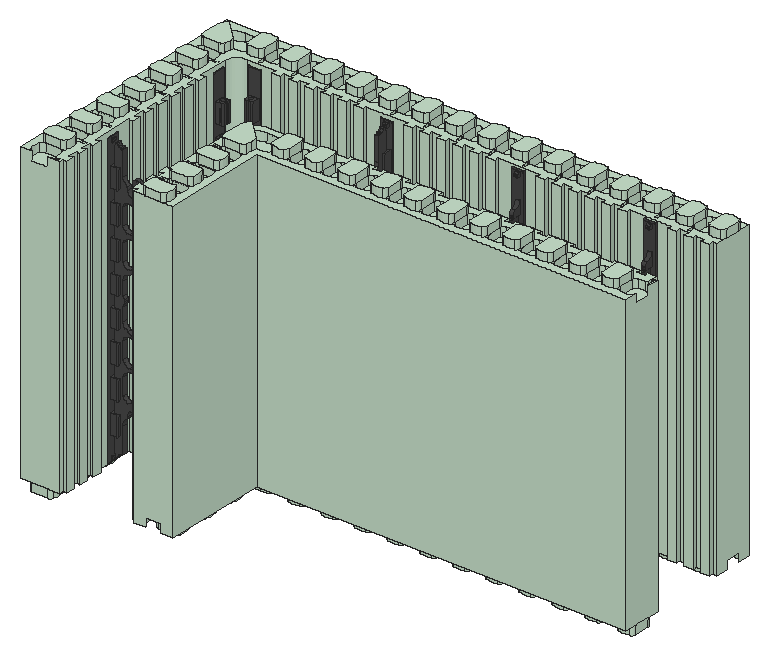
Revit family (continued)
Forms (in)
  Extrusion 50, void
    sketch origin (7, -1, 0) x (-1, 0, 0) y (0, -1, 0)
      loop
        line (-2, -3.97692) -> (-2, -4.89808)
        arc (-2, -4.89808) -> (-1.95215, -5.04517) -> (-1.82692, -5.13595) r 0.25
    from 0 to 0.5
  Extrusion 51, void
    sketch origin (9, -1, 0) x (-1, 0, 0) y (0, -1, 0)
      loop
        arc (-1.82692, -5.13595) -> (-1.5, -5.1875) -> (-1.17308, -5.13595) r 1.0625
        arc (-1.17308, -5.13595) -> (-1.04785, -5.04517) -> (-1, -4.89808) r 0.25
        line (-1, -4.89808) -> (-1, -3.97692)
        arc (-1, -3.97692) -> (-1.04785, -3.82983) -> (-1.17308, -3.73905) r 0.25
        arc (-1.17308, -3.73905) -> (-1.42092, -3.69045) -> (-1.67323, -3.70172) r 1.0625
        arc (-1.67323, -3.70172) -> (-1.72385, -3.68771) -> (-1.74592, -3.64005) r 0.0625
        line (-1.74592, -3.64005) -> (-1.74592, -3.41845) -> (-1.91675, -3.41845) -> (-1.91675, -3.76455)
        arc (-1.91675, -3.76455) -> (-1.92106, -3.78736) -> (-1.9334, -3.80702) r 0.0625
        arc (-1.9334, -3.80702) -> (-1.98276, -3.88568) -> (-2, -3.97692) r 0.25
        line (-2, -3.97692) -> (-2, -4.89808)
        arc (-2, -4.89808) -> (-1.95215, -5.04517) -> (-1.82692, -5.13595) r 0.25
    from 0 to 0.5
  Extrusion 52, void
    sketch origin (11, -1, 0) x (-1, 0, 0) y (0, -1, 0)
      loop
        arc (-1.82692, -5.13595) -> (-1.5, -5.1875) -> (-1.17308, -5.13595) r 1.0625
        arc (-1.17308, -5.13595) -> (-1.04785, -5.04517) -> (-1, -4.89808) r 0.25
        line (-1, -4.89808) -> (-1, -3.97692)
        arc (-1, -3.97692) -> (-1.04785, -3.82983) -> (-1.17308, -3.73905) r 0.25
        arc (-1.17308, -3.73905) -> (-1.42092, -3.69045) -> (-1.67323, -3.70172) r 1.0625
        arc (-1.67323, -3.70172) -> (-1.72385, -3.68771) -> (-1.74592, -3.64005) r 0.0625
        line (-1.74592, -3.64005) -> (-1.74592, -3.41845) -> (-1.91675, -3.41845) -> (-1.91675, -3.76455)
        arc (-1.91675, -3.76455) -> (-1.92106, -3.78736) -> (-1.9334, -3.80702) r 0.0625
        arc (-1.9334, -3.80702) -> (-1.98276, -3.88568) -> (-2, -3.97692) r 0.25
        line (-2, -3.97692) -> (-2, -4.89808)
        arc (-2, -4.89808) -> (-1.95215, -5.04517) -> (-1.82692, -5.13595) r 0.25
    from 0 to 0.5
  Extrusion 53, void
    sketch origin (13, -1, 0) x (-1, 0, 0) y (0, -1, 0)
      loop
        arc (-1.82692, -5.13595) -> (-1.5, -5.1875) -> (-1.17308, -5.13595) r 1.0625
        arc (-1.17308, -5.13595) -> (-1.04785, -5.04517) -> (-1, -4.89808) r 0.25
        line (-1, -4.89808) -> (-1, -3.97692)
        arc (-1, -3.97692) -> (-1.04785, -3.82983) -> (-1.17308, -3.73905) r 0.25
        arc (-1.17308, -3.73905) -> (-1.42092, -3.69045) -> (-1.67323, -3.70172) r 1.0625
        arc (-1.67323, -3.70172) -> (-1.72385, -3.68771) -> (-1.74592, -3.64005) r 0.0625
        line (-1.74592, -3.64005) -> (-1.74592, -3.41845) -> (-1.91675, -3.41845) -> (-1.91675, -3.76455)
        arc (-1.91675, -3.76455) -> (-1.92106, -3.78736) -> (-1.9334, -3.80702) r 0.0625
        arc (-1.9334, -3.80702) -> (-1.98276, -3.88568) -> (-2, -3.97692) r 0.25
        line (-2, -3.97692) -> (-2, -4.89808)
        arc (-2, -4.89808) -> (-1.95215, -5.04517) -> (-1.82692, -5.13595) r 0.25
    from 0 to 0.5
  Extrusion 54, void
    sketch origin (15, -1, 0) x (-1, 0, 0) y (0, -1, 0)
      loop
        arc (-1.82692, -5.13595) -> (-1.5, -5.1875) -> (-1.17308, -5.13595) r 1.0625
        arc (-1.17308, -5.13595) -> (-1.04785, -5.04517) -> (-1, -4.89808) r 0.25
        line (-1, -4.89808) -> (-1, -3.97692)
        arc (-1, -3.97692) -> (-1.04785, -3.82983) -> (-1.17308, -3.73905) r 0.25
        arc (-1.17308, -3.73905) -> (-1.42092, -3.69045) -> (-1.67323, -3.70172) r 1.0625
        arc (-1.67323, -3.70172) -> (-1.72385, -3.68771) -> (-1.74592, -3.64005) r 0.0625
        line (-1.74592, -3.64005) -> (-1.74592, -3.41845) -> (-1.91675, -3.41845) -> (-1.91675, -3.76455)
        arc (-1.91675, -3.76455) -> (-1.92106, -3.78736) -> (-1.9334, -3.80702) r 0.0625
        arc (-1.9334, -3.80702) -> (-1.98276, -3.88568) -> (-2, -3.97692) r 0.25
        line (-2, -3.97692) -> (-2, -4.89808)
        arc (-2, -4.89808) -> (-1.95215, -5.04517) -> (-1.82692, -5.13595) r 0.25
    from 0 to 0.5
  Extrusion 55, void
    sketch origin (17, -1, 0) x (-1, 0, 0) y (0, -1, 0)
      loop
        arc (-1.82692, -5.13595) -> (-1.5, -5.1875) -> (-1.17308, -5.13595) r 1.0625
        arc (-1.17308, -5.13595) -> (-1.04785, -5.04517) -> (-1, -4.89808) r 0.25
        line (-1, -4.89808) -> (-1, -3.97692)
        arc (-1, -3.97692) -> (-1.04785, -3.82983) -> (-1.17308, -3.73905) r 0.25
        arc (-1.17308, -3.73905) -> (-1.42092, -3.69045) -> (-1.67323, -3.70172) r 1.0625
        arc (-1.67323, -3.70172) -> (-1.72385, -3.68771) -> (-1.74592, -3.64005) r 0.0625
        line (-1.74592, -3.64005) -> (-1.74592, -3.41845) -> (-1.91675, -3.41845) -> (-1.91675, -3.76455)
        arc (-1.91675, -3.76455) -> (-1.92106, -3.78736) -> (-1.9334, -3.80702) r 0.0625
        arc (-1.9334, -3.80702) -> (-1.98276, -3.88568) -> (-2, -3.97692) r 0.25
        line (-2, -3.97692) -> (-2, -4.89808)
        arc (-2, -4.89808) -> (-1.95215, -5.04517) -> (-1.82692, -5.13595) r 0.25
    from 0 to 0.5
  Extrusion 56, void
    sketch origin (19, -1, 0) x (-1, 0, 0) y (0, -1, 0)
      loop
        arc (-1.82692, -5.13595) -> (-1.5, -5.1875) -> (-1.17308, -5.13595) r 1.0625
        arc (-1.17308, -5.13595) -> (-1.04785, -5.04517) -> (-1, -4.89808) r 0.25
        line (-1, -4.89808) -> (-1, -3.97692)
        arc (-1, -3.97692) -> (-1.04785, -3.82983) -> (-1.17308, -3.73905) r 0.25
        arc (-1.17308, -3.73905) -> (-1.42092, -3.69045) -> (-1.67323, -3.70172) r 1.0625
        arc (-1.67323, -3.70172) -> (-1.72385, -3.68771) -> (-1.74592, -3.64005) r 0.0625
        line (-1.74592, -3.64005) -> (-1.74592, -3.41845) -> (-1.91675, -3.41845) -> (-1.91675, -3.76455)
        arc (-1.91675, -3.76455) -> (-1.92106, -3.78736) -> (-1.9334, -3.80702) r 0.0625
        arc (-1.9334, -3.80702) -> (-1.98276, -3.88568) -> (-2, -3.97692) r 0.25
        line (-2, -3.97692) -> (-2, -4.89808)
        arc (-2, -4.89808) -> (-1.95215, -5.04517) -> (-1.82692, -5.13595) r 0.25
    from 0 to 0.5
  Extrusion 57, void
    sketch origin (21, -1, 0) x (-1, 0, 0) y (0, -1, 0)
      loop
        arc (-1.82692, -5.13595) -> (-1.5, -5.1875) -> (-1.17308, -5.13595) r 1.0625
        arc (-1.17308, -5.13595) -> (-1.04785, -5.04517) -> (-1, -4.89808) r 0.25
        line (-1, -4.89808) -> (-1, -3.97692)
        arc (-1, -3.97692) -> (-1.04785, -3.82983) -> (-1.17308, -3.73905) r 0.25
        arc (-1.17308, -3.73905) -> (-1.42092, -3.69045) -> (-1.67323, -3.70172) r 1.0625
        arc (-1.67323, -3.70172) -> (-1.72385, -3.68771) -> (-1.74592, -3.64005) r 0.0625
        line (-1.74592, -3.64005) -> (-1.74592, -3.41845) -> (-1.91675, -3.41845) -> (-1.91675, -3.76455)
        arc (-1.91675, -3.76455) -> (-1.92106, -3.78736) -> (-1.9334, -3.80702) r 0.0625
        arc (-1.9334, -3.80702) -> (-1.98276, -3.88568) -> (-2, -3.97692) r 0.25
        line (-2, -3.97692) -> (-2, -4.89808)
        arc (-2, -4.89808) -> (-1.95215, -5.04517) -> (-1.82692, -5.13595) r 0.25
    from 0 to 0.5
  Extrusion 58, void
    sketch origin (23, -1, 0) x (-1, 0, 0) y (0, -1, 0)
      loop
        arc (-1.82692, -5.13595) -> (-1.5, -5.1875) -> (-1.17308, -5.13595) r 1.0625
        arc (-1.17308, -5.13595) -> (-1.04785, -5.04517) -> (-1, -4.89808) r 0.25
        line (-1, -4.89808) -> (-1, -3.97692)
        arc (-1, -3.97692) -> (-1.04785, -3.82983) -> (-1.17308, -3.73905) r 0.25
        arc (-1.17308, -3.73905) -> (-1.42092, -3.69045) -> (-1.67323, -3.70172) r 1.0625
        arc (-1.67323, -3.70172) -> (-1.72385, -3.68771) -> (-1.74592, -3.64005) r 0.0625
        line (-1.74592, -3.64005) -> (-1.74592, -3.41845) -> (-1.91675, -3.41845) -> (-1.91675, -3.76455)
        arc (-1.91675, -3.76455) -> (-1.92106, -3.78736) -> (-1.9334, -3.80702) r 0.0625
        arc (-1.9334, -3.80702) -> (-1.98276, -3.88568) -> (-2, -3.97692) r 0.25
        line (-2, -3.97692) -> (-2, -4.89808)
        arc (-2, -4.89808) -> (-1.95215, -5.04517) -> (-1.82692, -5.13595) r 0.25
    from 0 to 0.5
  Extrusion 59, void
    sketch origin (25, -1, 0) x (-1, 0, 0) y (0, -1, 0)
      loop
        arc (-1.82692, -5.13595) -> (-1.5, -5.1875) -> (-1.17308, -5.13595) r 1.0625
        arc (-1.17308, -5.13595) -> (-1.04785, -5.04517) -> (-1, -4.89808) r 0.25
        line (-1, -4.89808) -> (-1, -3.97692)
        arc (-1, -3.97692) -> (-1.04785, -3.82983) -> (-1.17308, -3.73905) r 0.25
        arc (-1.17308, -3.73905) -> (-1.42092, -3.69045) -> (-1.67323, -3.70172) r 1.0625
        arc (-1.67323, -3.70172) -> (-1.72385, -3.68771) -> (-1.74592, -3.64005) r 0.0625
        line (-1.74592, -3.64005) -> (-1.74592, -3.41845) -> (-1.91675, -3.41845) -> (-1.91675, -3.76455)
        arc (-1.91675, -3.76455) -> (-1.92106, -3.78736) -> (-1.9334, -3.80702) r 0.0625
        arc (-1.9334, -3.80702) -> (-1.98276, -3.88568) -> (-2, -3.97692) r 0.25
        line (-2, -3.97692) -> (-2, -4.89808)
        arc (-2, -4.89808) -> (-1.95215, -5.04517) -> (-1.82692, -5.13595) r 0.25
    from 0 to 0.5
  Extrusion 60, void
    sketch origin (-1, -17, 0) x (1, 0, 0) y (0, 1, 0)
      loop
        arc (3.97692, 9) -> (3.82983, 8.95215) -> (3.73905, 8.82692) r 0.25
        arc (3.73905, 8.82692) -> (3.69045, 8.57908) -> (3.70172, 8.32677) r 1.0625
        arc (3.70172, 8.32677) -> (3.68771, 8.27615) -> (3.64005, 8.25408) r 0.0625
        line (3.64005, 8.25408) -> (3.41845, 8.25408) -> (3.41845, 8.08325) -> (3.76455, 8.08325)
        arc (3.76455, 8.08325) -> (3.78736, 8.07894) -> (3.80702, 8.0666) r 0.0625
        arc (3.80702, 8.0666) -> (3.88568, 8.01724) -> (3.97692, 8) r 0.25
        line (3.97692, 8) -> (4.89808, 8)
        arc (4.89808, 8) -> (5.04517, 8.04785) -> (5.13595, 8.17308) r 0.25
        arc (5.13595, 8.17308) -> (5.1875, 8.5) -> (5.13595, 8.82692) r 1.0625
        arc (5.13595, 8.82692) -> (5.04517, 8.95215) -> (4.89808, 9) r 0.25
        line (4.89808, 9) -> (3.97692, 9)
    from 0 to 0.5
  Extrusion 61, void
    sketch origin (-1, -15, 0) x (1, 0, 0) y (0, 1, 0)
      loop
        arc (3.97692, 9) -> (3.82983, 8.95215) -> (3.73905, 8.82692) r 0.25
        arc (3.73905, 8.82692) -> (3.69045, 8.57908) -> (3.70172, 8.32677) r 1.0625
        arc (3.70172, 8.32677) -> (3.68771, 8.27615) -> (3.64005, 8.25408) r 0.0625
        line (3.64005, 8.25408) -> (3.41845, 8.25408) -> (3.41845, 8.08325) -> (3.76455, 8.08325)
        arc (3.76455, 8.08325) -> (3.78736, 8.07894) -> (3.80702, 8.0666) r 0.0625
        arc (3.80702, 8.0666) -> (3.88568, 8.01724) -> (3.97692, 8) r 0.25
        line (3.97692, 8) -> (4.89808, 8)
        arc (4.89808, 8) -> (5.04517, 8.04785) -> (5.13595, 8.17308) r 0.25
        arc (5.13595, 8.17308) -> (5.1875, 8.5) -> (5.13595, 8.82692) r 1.0625
        arc (5.13595, 8.82692) -> (5.04517, 8.95215) -> (4.89808, 9) r 0.25
        line (4.89808, 9) -> (3.97692, 9)
    from 0 to 0.5
  Extrusion 62, void
    sketch origin (-1, 1, 0) x (0, -1, 0) y (1, 0, 0)
      loop
        line (4.6875, 3.6875) -> (5.5, 3.6875)
        arc (5.5, 3.6875) -> (5.58691, 3.69106) -> (5.67323, 3.70172) r 1.0625
        arc (5.67323, 3.70172) -> (5.72385, 3.68771) -> (5.74592, 3.64005) r 0.0625
        line (5.74592, 3.64005) -> (5.74592, 3.41845) -> (5.91675, 3.41845) -> (5.91675, 3.76455)
        arc (5.91675, 3.76455) -> (5.92106, 3.78736) -> (5.9334, 3.80702) r 0.0625
        arc (5.9334, 3.80702) -> (5.98276, 3.88568) -> (6, 3.97692) r 0.25
        line (6, 3.97692) -> (6, 4.89808)
        arc (6, 4.89808) -> (5.95215, 5.04517) -> (5.82692, 5.13595) r 0.25
        arc (5.82692, 5.13595) -> (5.66548, 5.17453) -> (5.5, 5.1875) r 1.0625
        line (5.5, 5.1875) -> (5.1875, 5.1875) -> (3.98039, 3.98039)
        arc (3.98039, 3.98039) -> (4.30482, 3.76362) -> (4.6875, 3.6875) r 1
    from 0 to 0.5
  Extrusion 63, void
    sketch origin (13, 1, 0) x (-1, 0, 0) y (0, -1, 0)
      loop
        arc (7, 3.97692) -> (7.04785, 3.82983) -> (7.17308, 3.73905) r 0.25
        arc (7.17308, 3.73905) -> (7.42092, 3.69045) -> (7.67323, 3.70172) r 1.0625
        arc (7.67323, 3.70172) -> (7.72385, 3.68771) -> (7.74592, 3.64005) r 0.0625
        line (7.74592, 3.64005) -> (7.74592, 3.41845) -> (7.91675, 3.41845) -> (7.91675, 3.76455)
        arc (7.91675, 3.76455) -> (7.92106, 3.78736) -> (7.9334, 3.80702) r 0.0625
        arc (7.9334, 3.80702) -> (7.98276, 3.88568) -> (8, 3.97692) r 0.25
        line (8, 3.97692) -> (8, 4.89808)
        arc (8, 4.89808) -> (7.95215, 5.04517) -> (7.82692, 5.13595) r 0.25
        arc (7.82692, 5.13595) -> (7.5, 5.1875) -> (7.17308, 5.13595) r 1.0625
        arc (7.17308, 5.13595) -> (7.04785, 5.04517) -> (7, 4.89808) r 0.25
        line (7, 4.89808) -> (7, 3.97692)
    from 0 to 0.5
  Extrusion 64, void
    sketch origin (15, 1, 0) x (-1, 0, 0) y (0, -1, 0)
      loop
        arc (7, 3.97692) -> (7.04785, 3.82983) -> (7.17308, 3.73905) r 0.25
        arc (7.17308, 3.73905) -> (7.42092, 3.69045) -> (7.67323, 3.70172) r 1.0625
        arc (7.67323, 3.70172) -> (7.72385, 3.68771) -> (7.74592, 3.64005) r 0.0625
        line (7.74592, 3.64005) -> (7.74592, 3.41845) -> (7.91675, 3.41845) -> (7.91675, 3.76455)
        arc (7.91675, 3.76455) -> (7.92106, 3.78736) -> (7.9334, 3.80702) r 0.0625
        arc (7.9334, 3.80702) -> (7.98276, 3.88568) -> (8, 3.97692) r 0.25
        line (8, 3.97692) -> (8, 4.89808)
        arc (8, 4.89808) -> (7.95215, 5.04517) -> (7.82692, 5.13595) r 0.25
        arc (7.82692, 5.13595) -> (7.5, 5.1875) -> (7.17308, 5.13595) r 1.0625
        arc (7.17308, 5.13595) -> (7.04785, 5.04517) -> (7, 4.89808) r 0.25
        line (7, 4.89808) -> (7, 3.97692)
    from 0 to 0.5
  Extrusion 65, void
    sketch origin (17, 1, 0) x (-1, 0, 0) y (0, -1, 0)
      loop
        arc (7, 3.97692) -> (7.04785, 3.82983) -> (7.17308, 3.73905) r 0.25
        arc (7.17308, 3.73905) -> (7.42092, 3.69045) -> (7.67323, 3.70172) r 1.0625
        arc (7.67323, 3.70172) -> (7.72385, 3.68771) -> (7.74592, 3.64005) r 0.0625
        line (7.74592, 3.64005) -> (7.74592, 3.41845) -> (7.91675, 3.41845) -> (7.91675, 3.76455)
        arc (7.91675, 3.76455) -> (7.92106, 3.78736) -> (7.9334, 3.80702) r 0.0625
        arc (7.9334, 3.80702) -> (7.98276, 3.88568) -> (8, 3.97692) r 0.25
        line (8, 3.97692) -> (8, 4.89808)
        arc (8, 4.89808) -> (7.95215, 5.04517) -> (7.82692, 5.13595) r 0.25
        arc (7.82692, 5.13595) -> (7.5, 5.1875) -> (7.17308, 5.13595) r 1.0625
        arc (7.17308, 5.13595) -> (7.04785, 5.04517) -> (7, 4.89808) r 0.25
        line (7, 4.89808) -> (7, 3.97692)
    from 0 to 0.5
  Extrusion 66, void
    sketch origin (19, 1, 0) x (-1, 0, 0) y (0, -1, 0)
      loop
        arc (7, 3.97692) -> (7.04785, 3.82983) -> (7.17308, 3.73905) r 0.25
        arc (7.17308, 3.73905) -> (7.42092, 3.69045) -> (7.67323, 3.70172) r 1.0625
        arc (7.67323, 3.70172) -> (7.72385, 3.68771) -> (7.74592, 3.64005) r 0.0625
        line (7.74592, 3.64005) -> (7.74592, 3.41845) -> (7.91675, 3.41845) -> (7.91675, 3.76455)
        arc (7.91675, 3.76455) -> (7.92106, 3.78736) -> (7.9334, 3.80702) r 0.0625
        arc (7.9334, 3.80702) -> (7.98276, 3.88568) -> (8, 3.97692) r 0.25
        line (8, 3.97692) -> (8, 4.89808)
        arc (8, 4.89808) -> (7.95215, 5.04517) -> (7.82692, 5.13595) r 0.25
        arc (7.82692, 5.13595) -> (7.5, 5.1875) -> (7.17308, 5.13595) r 1.0625
        arc (7.17308, 5.13595) -> (7.04785, 5.04517) -> (7, 4.89808) r 0.25
        line (7, 4.89808) -> (7, 3.97692)
    from 0 to 0.5
  Extrusion 67, void
    sketch origin (21, 1, 0) x (-1, 0, 0) y (0, -1, 0)
      loop
        arc (7, 3.97692) -> (7.04785, 3.82983) -> (7.17308, 3.73905) r 0.25
        arc (7.17308, 3.73905) -> (7.42092, 3.69045) -> (7.67323, 3.70172) r 1.0625
        arc (7.67323, 3.70172) -> (7.72385, 3.68771) -> (7.74592, 3.64005) r 0.0625
        line (7.74592, 3.64005) -> (7.74592, 3.41845) -> (7.91675, 3.41845) -> (7.91675, 3.76455)
        arc (7.91675, 3.76455) -> (7.92106, 3.78736) -> (7.9334, 3.80702) r 0.0625
        arc (7.9334, 3.80702) -> (7.98276, 3.88568) -> (8, 3.97692) r 0.25
        line (8, 3.97692) -> (8, 4.89808)
        arc (8, 4.89808) -> (7.95215, 5.04517) -> (7.82692, 5.13595) r 0.25
        arc (7.82692, 5.13595) -> (7.5, 5.1875) -> (7.17308, 5.13595) r 1.0625
        arc (7.17308, 5.13595) -> (7.04785, 5.04517) -> (7, 4.89808) r 0.25
        line (7, 4.89808) -> (7, 3.97692)
    from 0 to 0.5
  Extrusion 68, void
    sketch origin (23, 1, 0) x (-1, 0, 0) y (0, -1, 0)
      loop
        arc (7, 3.97692) -> (7.04785, 3.82983) -> (7.17308, 3.73905) r 0.25
        arc (7.17308, 3.73905) -> (7.42092, 3.69045) -> (7.67323, 3.70172) r 1.0625
        arc (7.67323, 3.70172) -> (7.72385, 3.68771) -> (7.74592, 3.64005) r 0.0625
        line (7.74592, 3.64005) -> (7.74592, 3.41845) -> (7.91675, 3.41845) -> (7.91675, 3.76455)
        arc (7.91675, 3.76455) -> (7.92106, 3.78736) -> (7.9334, 3.80702) r 0.0625
        arc (7.9334, 3.80702) -> (7.98276, 3.88568) -> (8, 3.97692) r 0.25
        line (8, 3.97692) -> (8, 4.89808)
        arc (8, 4.89808) -> (7.95215, 5.04517) -> (7.82692, 5.13595) r 0.25
        arc (7.82692, 5.13595) -> (7.5, 5.1875) -> (7.17308, 5.13595) r 1.0625
        arc (7.17308, 5.13595) -> (7.04785, 5.04517) -> (7, 4.89808) r 0.25
        line (7, 4.89808) -> (7, 3.97692)
    from 0 to 0.5
  Extrusion 69, void
    sketch origin (25, 1, 0) x (-1, 0, 0) y (0, -1, 0)
      loop
        arc (7, 3.97692) -> (7.04785, 3.82983) -> (7.17308, 3.73905) r 0.25
        arc (7.17308, 3.73905) -> (7.42092, 3.69045) -> (7.67323, 3.70172) r 1.0625
        arc (7.67323, 3.70172) -> (7.72385, 3.68771) -> (7.74592, 3.64005) r 0.0625
        line (7.74592, 3.64005) -> (7.74592, 3.41845) -> (7.91675, 3.41845) -> (7.91675, 3.76455)
        arc (7.91675, 3.76455) -> (7.92106, 3.78736) -> (7.9334, 3.80702) r 0.0625
        arc (7.9334, 3.80702) -> (7.98276, 3.88568) -> (8, 3.97692) r 0.25
        line (8, 3.97692) -> (8, 4.89808)
        arc (8, 4.89808) -> (7.95215, 5.04517) -> (7.82692, 5.13595) r 0.25
        arc (7.82692, 5.13595) -> (7.5, 5.1875) -> (7.17308, 5.13595) r 1.0625
        arc (7.17308, 5.13595) -> (7.04785, 5.04517) -> (7, 4.89808) r 0.25
        line (7, 4.89808) -> (7, 3.97692)
    from 0 to 0.5
  Extrusion 70, void
    sketch origin (27, 1, 0) x (-1, 0, 0) y (0, -1, 0)
      loop
        arc (7, 3.97692) -> (7.04785, 3.82983) -> (7.17308, 3.73905) r 0.25
        arc (7.17308, 3.73905) -> (7.42092, 3.69045) -> (7.67323, 3.70172) r 1.0625
        arc (7.67323, 3.70172) -> (7.72385, 3.68771) -> (7.74592, 3.64005) r 0.0625
        line (7.74592, 3.64005) -> (7.74592, 3.41845) -> (7.91675, 3.41845) -> (7.91675, 3.76455)
        arc (7.91675, 3.76455) -> (7.92106, 3.78736) -> (7.9334, 3.80702) r 0.0625
        arc (7.9334, 3.80702) -> (7.98276, 3.88568) -> (8, 3.97692) r 0.25
        line (8, 3.97692) -> (8, 4.89808)
        arc (8, 4.89808) -> (7.95215, 5.04517) -> (7.82692, 5.13595) r 0.25
        arc (7.82692, 5.13595) -> (7.5, 5.1875) -> (7.17308, 5.13595) r 1.0625
        arc (7.17308, 5.13595) -> (7.04785, 5.04517) -> (7, 4.89808) r 0.25
        line (7, 4.89808) -> (7, 3.97692)
    from 0 to 0.5
  Extrusion 71, void
    sketch origin (29, 1, 0) x (-1, 0, 0) y (0, -1, 0)
      loop
        arc (7, 3.97692) -> (7.04785, 3.82983) -> (7.17308, 3.73905) r 0.25
        arc (7.17308, 3.73905) -> (7.42092, 3.69045) -> (7.67323, 3.70172) r 1.0625
        arc (7.67323, 3.70172) -> (7.72385, 3.68771) -> (7.74592, 3.64005) r 0.0625
        line (7.74592, 3.64005) -> (7.74592, 3.41845) -> (7.91675, 3.41845) -> (7.91675, 3.76455)
        arc (7.91675, 3.76455) -> (7.92106, 3.78736) -> (7.9334, 3.80702) r 0.0625
        arc (7.9334, 3.80702) -> (7.98276, 3.88568) -> (8, 3.97692) r 0.25
        line (8, 3.97692) -> (8, 4.89808)
        arc (8, 4.89808) -> (7.95215, 5.04517) -> (7.82692, 5.13595) r 0.25
        arc (7.82692, 5.13595) -> (7.5, 5.1875) -> (7.17308, 5.13595) r 1.0625
        arc (7.17308, 5.13595) -> (7.04785, 5.04517) -> (7, 4.89808) r 0.25
        line (7, 4.89808) -> (7, 3.97692)
    from 0 to 0.5
  Extrusion 72, void
    sketch origin (31, 1, 0) x (-1, 0, 0) y (0, -1, 0)
      loop
        arc (7, 3.97692) -> (7.04785, 3.82983) -> (7.17308, 3.73905) r 0.25
        arc (7.17308, 3.73905) -> (7.42092, 3.69045) -> (7.67323, 3.70172) r 1.0625
        arc (7.67323, 3.70172) -> (7.72385, 3.68771) -> (7.74592, 3.64005) r 0.0625
        line (7.74592, 3.64005) -> (7.74592, 3.41845) -> (7.91675, 3.41845) -> (7.91675, 3.76455)
        arc (7.91675, 3.76455) -> (7.92106, 3.78736) -> (7.9334, 3.80702) r 0.0625
        arc (7.9334, 3.80702) -> (7.98276, 3.88568) -> (8, 3.97692) r 0.25
        line (8, 3.97692) -> (8, 4.89808)
        arc (8, 4.89808) -> (7.95215, 5.04517) -> (7.82692, 5.13595) r 0.25
        arc (7.82692, 5.13595) -> (7.5, 5.1875) -> (7.17308, 5.13595) r 1.0625
        arc (7.17308, 5.13595) -> (7.04785, 5.04517) -> (7, 4.89808) r 0.25
        line (7, 4.89808) -> (7, 3.97692)
    from 0 to 0.5
  Extrusion 73, void
    sketch origin (1, -1, 0) x (1, 0, 0) y (0, 1, 0)
      loop
        line (-3.6875, 3.6875) -> (-4.89461, 4.89461)
        arc (-4.89461, 4.89461) -> (-5.11138, 4.57018) -> (-5.1875, 4.1875) r 1
        line (-5.1875, 4.1875) -> (-5.1875, 3.5)
        arc (-5.1875, 3.5) -> (-5.17453, 3.33452) -> (-5.13595, 3.17308) r 1.0625
        arc (-5.13595, 3.17308) -> (-5.04517, 3.04785) -> (-4.89808, 3) r 0.25
        line (-4.89808, 3) -> (-3.97692, 3)
        arc (-3.97692, 3) -> (-3.82983, 3.04785) -> (-3.73905, 3.17308) r 0.25
        arc (-3.73905, 3.17308) -> (-3.70047, 3.33452) -> (-3.6875, 3.5) r 1.0625
        line (-3.6875, 3.5) -> (-3.6875, 3.6875)
    from 0 to 0.5
  Extrusion 74, solid, material "NUDURA Expanded Polystyrene Foam Insulation"
    sketch origin (-1, 1, 0) x (1, 0, 0) y (0, 1, 0)
      loop
        line (5.1875, -5.1875) -> (5.5, -5.1875)
        arc (5.5, -5.1875) -> (5.66548, -5.17453) -> (5.82692, -5.13595) r 1.0625
        arc (5.82692, -5.13595) -> (5.95215, -5.04517) -> (6, -4.89808) r 0.25
        line (6, -4.89808) -> (6, -3.97692)
        arc (6, -3.97692) -> (5.98276, -3.88568) -> (5.9334, -3.80702) r 0.25
        arc (5.9334, -3.80702) -> (5.88453, -3.7662) -> (5.82692, -3.73905) r 0.25
        arc (5.82692, -3.73905) -> (5.75077, -3.71752) -> (5.67323, -3.70172) r 1.0625
        arc (5.67323, -3.70172) -> (5.58691, -3.69106) -> (5.5, -3.6875) r 1.0625
        line (5.5, -3.6875) -> (4.6875, -3.6875)
        arc (4.6875, -3.6875) -> (4.30482, -3.76362) -> (3.98039, -3.98039) r 1
        line (3.98039, -3.98039) -> (5.1875, -5.1875)
    from 0 to -0.5
  Extrusion 75, solid, material "NUDURA Expanded Polystyrene Foam Insulation"
    sketch origin (1, -1, 0) x (1, 0, 0) y (0, 1, 0)
      loop
        arc (-4.1875, 5.1875) -> (-4.57018, 5.11138) -> (-4.89461, 4.89461) r 1
        line (-4.89461, 4.89461) -> (-3.6875, 3.6875) -> (-3.5, 3.6875)
        arc (-3.5, 3.6875) -> (-3.33452, 3.70047) -> (-3.17308, 3.73905) r 1.0625
        arc (-3.17308, 3.73905) -> (-3.04785, 3.82983) -> (-3, 3.97692) r 0.25
        line (-3, 3.97692) -> (-3, 4.89808)
        arc (-3, 4.89808) -> (-3.04785, 5.04517) -> (-3.17308, 5.13595) r 0.25
        arc (-3.17308, 5.13595) -> (-3.33452, 5.17453) -> (-3.5, 5.1875) r 1.0625
        line (-3.5, 5.1875) -> (-4.1875, 5.1875)
    from 0 to -0.5
  Extrusion 76, void
    sketch origin (19, 1, 0) x (1, 0, 0) y (0, 1, 0)
      loop
        line (7, -3.97692) -> (7, -4.89808)
        arc (7, -4.89808) -> (7.04785, -5.04517) -> (7.17308, -5.13595) r 0.25
        arc (7.17308, -5.13595) -> (7.5, -5.1875) -> (7.82692, -5.13595) r 1.0625
        arc (7.82692, -5.13595) -> (7.95215, -5.04517) -> (8, -4.89808) r 0.25
        line (8, -4.89808) -> (8, -3.97692)
        arc (8, -3.97692) -> (7.98276, -3.88568) -> (7.9334, -3.80702) r 0.25
        arc (7.9334, -3.80702) -> (7.92106, -3.78736) -> (7.91675, -3.76455) r 0.0625
        line (7.91675, -3.76455) -> (7.91675, -3.41845) -> (7.74592, -3.41845) -> (7.74592, -3.64005)
        arc (7.74592, -3.64005) -> (7.72385, -3.68771) -> (7.67323, -3.70172) r 0.0625
        arc (7.67323, -3.70172) -> (7.42092, -3.69045) -> (7.17308, -3.73905) r 1.0625
        arc (7.17308, -3.73905) -> (7.04785, -3.82983) -> (7, -3.97692) r 0.25
    from 18 to 17.5
  Extrusion 77, void
    sketch origin (33, 1, 0) x (-1, 0, 0) y (0, -1, 0)
      loop
        arc (7, 3.97692) -> (7.04785, 3.82983) -> (7.17308, 3.73905) r 0.25
        arc (7.17308, 3.73905) -> (7.42092, 3.69045) -> (7.67323, 3.70172) r 1.0625
        arc (7.67323, 3.70172) -> (7.72385, 3.68771) -> (7.74592, 3.64005) r 0.0625
        line (7.74592, 3.64005) -> (7.74592, 3.41845) -> (7.91675, 3.41845) -> (7.91675, 3.76455)
        arc (7.91675, 3.76455) -> (7.92106, 3.78736) -> (7.9334, 3.80702) r 0.0625
        arc (7.9334, 3.80702) -> (7.98276, 3.88568) -> (8, 3.97692) r 0.25
        line (8, 3.97692) -> (8, 4.89808)
        arc (8, 4.89808) -> (7.95215, 5.04517) -> (7.82692, 5.13595) r 0.25
        arc (7.82692, 5.13595) -> (7.5, 5.1875) -> (7.17308, 5.13595) r 1.0625
        arc (7.17308, 5.13595) -> (7.04785, 5.04517) -> (7, 4.89808) r 0.25
        line (7, 4.89808) -> (7, 3.97692)
    from 0 to 0.5
  Extrusion 78, void
    sketch origin (-1, -1, 0) x (1, 0, 0) y (0, 1, 0)
      loop
        line (3.97692, -9) -> (4.89808, -9)
        arc (4.89808, -9) -> (5.04517, -8.95215) -> (5.13595, -8.82692) r 0.25
        arc (5.13595, -8.82692) -> (5.1875, -8.5) -> (5.13595, -8.17308) r 1.0625
        arc (5.13595, -8.17308) -> (5.04517, -8.04785) -> (4.89808, -8) r 0.25
        line (4.89808, -8) -> (3.97692, -8)
        arc (3.97692, -8) -> (3.88568, -8.01724) -> (3.80702, -8.0666) r 0.25
        arc (3.80702, -8.0666) -> (3.78736, -8.07894) -> (3.76455, -8.08325) r 0.0625
        line (3.76455, -8.08325) -> (3.41845, -8.08325) -> (3.41845, -8.25408) -> (3.64005, -8.25408)
        arc (3.64005, -8.25408) -> (3.68771, -8.27615) -> (3.70172, -8.32677) r 0.0625
        arc (3.70172, -8.32677) -> (3.69045, -8.57908) -> (3.73905, -8.82692) r 1.0625
        arc (3.73905, -8.82692) -> (3.82983, -8.95215) -> (3.97692, -9) r 0.25
    from 18 to 17.5
  Extrusion 79, void
    sketch origin (-1, -19, 0) x (1, 0, 0) y (0, 1, 0)
      loop
        arc (3.97692, 9) -> (3.82983, 8.95215) -> (3.73905, 8.82692) r 0.25
        arc (3.73905, 8.82692) -> (3.69045, 8.57908) -> (3.70172, 8.32677) r 1.0625
        arc (3.70172, 8.32677) -> (3.68771, 8.27615) -> (3.64005, 8.25408) r 0.0625
        line (3.64005, 8.25408) -> (3.41845, 8.25408) -> (3.41845, 8.08325) -> (3.76455, 8.08325)
        arc (3.76455, 8.08325) -> (3.78736, 8.07894) -> (3.80702, 8.0666) r 0.0625
        arc (3.80702, 8.0666) -> (3.88568, 8.01724) -> (3.97692, 8) r 0.25
        line (3.97692, 8) -> (4.89808, 8)
        arc (4.89808, 8) -> (5.04517, 8.04785) -> (5.13595, 8.17308) r 0.25
        arc (5.13595, 8.17308) -> (5.1875, 8.5) -> (5.13595, 8.82692) r 1.0625
        arc (5.13595, 8.82692) -> (5.04517, 8.95215) -> (4.89808, 9) r 0.25
        line (4.89808, 9) -> (3.97692, 9)
    from 0 to 0.5
Cuts and joins
  Extrusion 4, Extrusion 5, Extrusion 6, Extrusion 7, Extrusion 8, Extrusion 9, Extrusion 10, Extrusion 11, Extrusion 12, Extrusion 13, Extrusion 14, Extrusion 15, Extrusion 16, Extrusion 17, Extrusion 18, Extrusion 19, Extrusion 20, Extrusion 21, Extrusion 22, Extrusion 23, Extrusion 24, Extrusion 25, Extrusion 26, Extrusion 27, Extrusion 28, Extrusion 29, Extrusion 30, Extrusion 31, Extrusion 32, Extrusion 33, Extrusion 34, Extrusion 35, Extrusion 36, Extrusion 37, Extrusion 38, Extrusion 39, Extrusion 40, Extrusion 41, Extrusion 42, Extrusion 43, Extrusion 44, Extrusion 45, Extrusion 46, Extrusion 47, Extrusion 48, Extrusion 49, Extrusion 50, Extrusion 51, Extrusion 52, Extrusion 53, Extrusion 54, Extrusion 55, Extrusion 56, Extrusion 57, Extrusion 58, Extrusion 59, Extrusion 60, Extrusion 61, Extrusion 62, Extrusion 63, Extrusion 64, Extrusion 65, Extrusion 66, Extrusion 67, Extrusion 68, Extrusion 69, Extrusion 70, Extrusion 71, Extrusion 72, Extrusion 73, Extrusion 76, Extrusion 77, Extrusion 78, Extrusion 79 cuts Extrusion 1
  Extrusion 10, Extrusion 13 cuts Extrusion 3
  Extrusion 14 cuts Extrusion 2
Lines and regions (in)
  model lines
    curve 1: line (18.9334, 4.625, 18) -> (18.9334, 4.625, 0)
    curve 2: line (3, 4.625, 0) -> (3, 4.625, 18)
Dimensions and locks (in)
  locked: plane 4 to plane 5 at 4
  locked: plane 7 to plane 6 at 4
  locked: level to plane 8 at 18
  aligned and locked: plane 8 to Extrusion 1
  aligned and locked: nested 73 to cut or joined group 1 (Extrusion 1, Extrusion 4, Extrusion 5, Extrusion 6, Extrusion 7, Extrusion 8, Extrusion 9, Extrusion 10, Extrusion 11, Extrusion 12, Extrusion 13, Extrusion 14, Extrusion 15, Extrusion 16, Extrusion 17, Extrusion 18, Extrusion 19, Extrusion 20, Extrusion 21, Extrusion 22, Extrusion 23, Extrusion 24, Extrusion 25, Extrusion 26, Extrusion 27, Extrusion 28, Extrusion 29, Extrusion 30, Extrusion 31, Extrusion 32, Extrusion 33, Extrusion 34, Extrusion 35, Extrusion 36, Extrusion 37, Extrusion 38, Extrusion 39, Extrusion 40, Extrusion 41, Extrusion 42, Extrusion 43, Extrusion 44, Extrusion 45, Extrusion 46, Extrusion 47, Extrusion 48, Extrusion 49, Extrusion 50, Extrusion 51, Extrusion 52, Extrusion 53, Extrusion 54, Extrusion 55, Extrusion 56, Extrusion 57, Extrusion 58, Extrusion 59, Extrusion 60, Extrusion 61, Extrusion 62, Extrusion 63, Extrusion 64, Extrusion 65, Extrusion 66, Extrusion 67, Extrusion 68, Extrusion 69, Extrusion 70, Extrusion 71, Extrusion 72, Extrusion 73, Extrusion 76, Extrusion 77, Extrusion 78, Extrusion 79)
  aligned and locked: cut or joined group 1 to nested 75
  aligned and locked: nested 81 to cut or joined group 1
  aligned and locked: nested 82 to cut or joined group 1
  aligned and locked: nested 83 to cut or joined group 1
  aligned and locked: nested 84 to nested 72
  aligned and locked: nested 85 to cut or joined group 1
  aligned and locked: nested 86 to nested 73
Nested families (in)
  nested 1: "Interlock Tooth" at (1, -9, 0) x (0, -1, 0) z (0, 0, 1), type "Interlock Tooth"
  nested 2: "Interlock Tooth" at (1, -7, 0) x (0, -1, 0) z (0, 0, 1), type "Interlock Tooth"
  nested 3: "Interlock Tooth" at (1, -5, 0) x (0, -1, 0) z (0, 0, 1), type "Interlock Tooth"
  nested 4: "Interlock Tooth" at (1, -3, 0) x (0, -1, 0) z (0, 0, 1), type "Interlock Tooth"
  nested 5: "Interlock Tooth" at (1, -1, 0) x (0, -1, 0) z (0, 0, 1), type "Interlock Tooth"
  nested 6: "Interlock Tooth" at (1, 1, 0) x (0, -1, 0) z (0, 0, 1), type "Interlock Tooth"
  nested 7: "Interlock Tooth" at (-1, -8, 0) x (0, -1, 0) z (0, 0, 1), type "Interlock Tooth"
  nested 8: "Interlock Tooth" at (-1, -6, 0) x (0, -1, 0) z (0, 0, 1), type "Interlock Tooth"
  nested 9: "Interlock Tooth" at (-1, -7, -18.5) x (0, -1, 0) z (0, 0, 1), type "Interlock Tooth"
  nested 10: "Interlock Tooth" at (-1, -5, -18.5) x (0, -1, 0) z (0, 0, 1), type "Interlock Tooth"
  nested 11: "Interlock Tooth" at (-7.875, -10, -18.5) x (0, -1, 0) z (0, 0, 1), type "Interlock Tooth"
  nested 12: "Interlock Tooth" at (-7.875, -8, -18.5) x (0, -1, 0) z (0, 0, 1), type "Interlock Tooth"
  nested 13: "Interlock Tooth" at (-7.875, -6, -18.5) x (0, -1, 0) z (0, 0, 1), type "Interlock Tooth"
  nested 14: "Interlock Tooth" at (-7.875, -4, -18.5) x (0, -1, 0) z (0, 0, 1), type "Interlock Tooth"
  nested 15: "Interlock Tooth" at (-7.875, -2, -18.5) x (0, -1, 0) z (0, 0, 1), type "Interlock Tooth"
  nested 16: "Interlock Tooth" at (-7.875, 0, -18.5) x (0, -1, 0) z (0, 0, 1), type "Interlock Tooth"
  nested 17: "Interlock Tooth" at (-7.875, 2, -18.5) x (0, -1, 0) z (0, 0, 1), type "Interlock Tooth"
  nested 18: "Interlock Tooth" at (5, 1, 0), type "Interlock Tooth"
  nested 19: "Interlock Tooth" at (7, 1, 0), type "Interlock Tooth"
  nested 20: "Interlock Tooth" at (9, 1, 0), type "Interlock Tooth"
  nested 21: "Interlock Tooth" at (11, 1, 0), type "Interlock Tooth"
  nested 22: "Interlock Tooth" at (13, 1, 0), type "Interlock Tooth"
  nested 23: "Interlock Tooth" at (15, 1, 0), type "Interlock Tooth"
  nested 24: "Interlock Tooth" at (17, 1, 0), type "Interlock Tooth"
  nested 25: "Interlock Tooth" at (19, 1, 0), type "Interlock Tooth"
  nested 26: "Interlock Tooth" at (21, 1, 0), type "Interlock Tooth"
  nested 27: "Interlock Tooth" at (23, 1, 0), type "Interlock Tooth"
  nested 28: "Interlock Tooth" at (-2, -1, 0), type "Interlock Tooth"
  nested 29: "Interlock Tooth" at (0, -1, 0), type "Interlock Tooth"
  nested 30: "Interlock Tooth" at (2, -1, 0), type "Interlock Tooth"
  nested 31: "Interlock Tooth" at (4, -1, 0), type "Interlock Tooth"
  nested 32: "Interlock Tooth" at (6, -1, 0), type "Interlock Tooth"
  nested 33: "Interlock Tooth" at (8, -1, 0), type "Interlock Tooth"
  nested 34: "Interlock Tooth" at (10, -1, 0), type "Interlock Tooth"
  nested 35: "Interlock Tooth" at (12, -1, 0), type "Interlock Tooth"
  nested 36: "Interlock Tooth" at (14, -1, 0), type "Interlock Tooth"
  nested 37: "Interlock Tooth" at (16, -1, 0), type "Interlock Tooth"
  nested 38: "Interlock Tooth" at (18, -1, 0), type "Interlock Tooth"
  nested 39: "Interlock Tooth" at (20, -1, 0), type "Interlock Tooth"
  nested 40: "Interlock Tooth" at (22, -1, 0), type "Interlock Tooth"
  nested 41: "Interlock Tooth" at (24, -1, 0), type "Interlock Tooth"
  nested 42: "Interlock Tooth" at (26, -1, 0), type "Interlock Tooth"
  nested 43: "Interlock Tooth" at (6, -7.875, -18.5), type "Interlock Tooth"
  nested 44: "Interlock Tooth" at (8, -7.875, -18.5), type "Interlock Tooth"
  nested 45: "Interlock Tooth" at (10, -7.875, -18.5), type "Interlock Tooth"
  nested 46: "Interlock Tooth" at (12, -7.875, -18.5), type "Interlock Tooth"
  nested 47: "Interlock Tooth" at (14, -7.875, -18.5), type "Interlock Tooth"
  nested 48: "Interlock Tooth" at (16, -7.875, -18.5), type "Interlock Tooth"
  nested 49: "Interlock Tooth" at (18, -7.875, -18.5), type "Interlock Tooth"
  nested 50: "Interlock Tooth" at (20, -7.875, -18.5), type "Interlock Tooth"
  nested 51: "Interlock Tooth" at (22, -7.875, -18.5), type "Interlock Tooth"
  nested 52: "Interlock Tooth" at (24, -7.875, -18.5), type "Interlock Tooth"
  nested 53: "Interlock Tooth" at (-1, -1, -18.5), type "Interlock Tooth"
  nested 54: "Interlock Tooth" at (1, -1, -18.5), type "Interlock Tooth"
  nested 55: "Interlock Tooth" at (3, -1, -18.5), type "Interlock Tooth"
  nested 56: "Interlock Tooth" at (5, -1, -18.5), type "Interlock Tooth"
  nested 57: "Interlock Tooth" at (7, -1, -18.5), type "Interlock Tooth"
  nested 58: "Interlock Tooth" at (9, -1, -18.5), type "Interlock Tooth"
  nested 59: "Interlock Tooth" at (11, -1, -18.5), type "Interlock Tooth"
  nested 60: "Interlock Tooth" at (13, -1, -18.5), type "Interlock Tooth"
  nested 61: "Interlock Tooth" at (15, -1, -18.5), type "Interlock Tooth"
  nested 62: "Interlock Tooth" at (17, -1, -18.5), type "Interlock Tooth"
  nested 63: "Interlock Tooth" at (19, -1, -18.5), type "Interlock Tooth"
  nested 64: "Interlock Tooth" at (21, -1, -18.5), type "Interlock Tooth"
  nested 65: "Interlock Tooth" at (23, -1, -18.5), type "Interlock Tooth"
  nested 66: "Interlock Tooth" at (25, -1, -18.5), type "Interlock Tooth"
  nested 67: "NUDURA Diamond Pattern" at (19, 1, 0), type "NUDURA Diamond Pattern"
  nested 68: "NUDURA Diamond Pattern" at (19, 10.25, 0), type "NUDURA Diamond Pattern"
  nested 69: "NUDURA Diamond Pattern" at (3, 10.25, 0), type "NUDURA Diamond Pattern"
  nested 70: "Capture Lug" at (-1, -1, 0) x (-1, 0, 0) z (0, 0, 1), type "Capture Lugs"
  nested 71: "Capture Lug" at (1, 1, 0) x (0, -1, 0) z (0, 0, 1), type "Capture Lugs"
  nested 72: "NUDURA Logo Diamond" at (3.00256, -4.625, 0), type "NUDURA Logo Diamond"
  nested 73: "NUDURA Logo Diamond" at (-4.625, 4.99744, 0) x (0, -1, 0) z (0, 0, 1), type "NUDURA Logo Diamond"
  nested 74: "NUDURA Logo Diamond" at (27, 4.625, 0) x (-1, 0, 0) z (0, 0, 1), type "NUDURA Logo Diamond"
  nested 75: "NUDURA Logo Diamond Missing Outside Line" at (10.99744, 4.625, 0) x (-1, 0, 0) z (0, 0, 1), type "NUDURA Logo Diamond without Outside Line"
  nested 76: "Interlock Tooth" at (25, 1, 0), type "Interlock Tooth"
  nested 77: "Interlock Tooth" at (26, -7.875, -18.5), type "Interlock Tooth"
  nested 78: "Interlock Tooth" at (-1, -10, 0) x (0, -1, 0) z (0, 0, 1), type "Interlock Tooth"
  nested 79: "Interlock Tooth" at (-1, -9, -18.5) x (0, -1, 0) z (0, 0, 1), type "Interlock Tooth"
  nested 80: "4-inch Insert Web" at (0, -7, 0) x (0, 1, 0) z (0, 0, 1), type "4-inch Insert Web"
  nested 81: "4-inch Insert Web" at (7, 0, 0) x (-1, 0, 0) z (0, 0, 1), type "4-inch Insert Web"
  nested 82: "4-inch Web" at (15, 0, 0), type "4-inch Web"
  nested 83: "4-inch Web" at (23, 0, 0), type "4-inch Web"
  nested 84: "NUDURA Diamond Pattern" at (3, 1, 0), type "NUDURA Diamond Pattern"
  nested 85: "NUDURA Diamond Pattern Missing One Line" at (-1, -11, 0) x (0, 1, 0) z (0, 0, 1), type "NUDURA Diamond Pattern minus one line"
  nested 86: "NUDURA Diamond Pattern" at (1, 5, 0) x (0, -1, 0) z (0, 0, 1), type "NUDURA Diamond Pattern"
Definition of nested family "Interlock Tooth"
  Reference planes (in)
    plane 1 "Center (Front/Back)": y = 0
    plane 2: z = 0
    plane 3 "Center (Left/Right)": x = 0
    plane 4: z = 18
    plane 5: z = 18.5
    plane 6: z = -0.5
  Forms (in)
    Extrusion 1, solid, material "NUDURA Expanded Polystyrene Foam Insulation"
      sketch origin (0, -8.875, 0) x (1, 0, 0) y (0, 1, 0)
        loop
          arc (0, 3.97692) -> (0.04785, 3.82983) -> (0.17308, 3.73905) r 0.25
          arc (0.17308, 3.73905) -> (0.5, 3.6875) -> (0.82692, 3.73905) r 1.0625
          arc (0.82692, 3.73905) -> (0.95215, 3.82983) -> (1, 3.97692) r 0.25
          line (1, 3.97692) -> (1, 4.89808)
          arc (1, 4.89808) -> (0.95215, 5.04517) -> (0.82692, 5.13595) r 0.25
          arc (0.82692, 5.13595) -> (0.5, 5.1875) -> (0.17308, 5.13595) r 1.0625
          arc (0.17308, 5.13595) -> (0.04785, 5.04517) -> (0, 4.89808) r 0.25
          line (0, 4.89808) -> (0, 3.97692)
      from 18 to 18.5
  Dimensions and locks (in)
    locked: plane 4 to level at 18
    locked: plane 4 to plane 5 at 0.5
    locked: plane 6 to level at 0.5
Definition of nested family "Capture Lug"
  Reference planes (in)
    plane 1 "Center (Front/Back)": y = 0
    plane 2: z = 0
    plane 3 "Center (Left/Right)": x = 0
  Forms (in)
    Extrusion 1, solid, material "High Density Polystyrene"
      sketch origin (0, 0, 0) x (0, 1, 0) y (0, 0, 1)
        loop
          arc (-3.25, 0) -> (-3.22112, 0.01975) -> (-3.21, 0.05292) r 0.055
          line (-3.21, 0.05292) -> (-3.21, 17.69292)
          arc (-3.21, 17.69292) -> (-3.22112, 17.72608) -> (-3.25, 17.74583) r 0.055
          line (-3.25, 17.74583) -> (-3.25, 0)
      from 0.36328 to -0.36328
    Extrusion 2, solid, material "High Density Polystyrene"
      sketch origin (0, 0, 0) x (0, 1, 0) y (0, 0, 1)
        loop
          line (-3.21, 16.17792) -> (-3.21, 14.97792) -> (-2.71, 14.97792) -> (-2.71, 16.17792) -> (-3.21, 16.17792)
        loop
          line (-3.21, 14.22792) -> (-3.21, 13.02792) -> (-2.71, 13.02792) -> (-2.71, 14.22792) -> (-3.21, 14.22792)
        loop
          line (-3.21, 12.27792) -> (-3.21, 11.07792) -> (-2.71, 11.07792) -> (-2.71, 12.27792) -> (-3.21, 12.27792)
        loop
          line (-3.21, 10.32792) -> (-3.21, 9.24792) -> (-2.71, 9.24792) -> (-2.71, 10.32792) -> (-3.21, 10.32792)
        loop
          line (-3.21, 8.49792) -> (-3.21, 7.41792) -> (-2.71, 7.41792) -> (-2.71, 8.49792) -> (-3.21, 8.49792)
        loop
          line (-3.21, 6.66792) -> (-3.21, 5.46792) -> (-2.71, 5.46792) -> (-2.71, 6.66792) -> (-3.21, 6.66792)
        loop
          line (-3.21, 4.71792) -> (-3.21, 3.51792) -> (-2.71, 3.51792) -> (-2.71, 4.71792) -> (-3.21, 4.71792)
        loop
          line (-3.21, 2.76792) -> (-3.21, 1.56792) -> (-2.71, 1.56792) -> (-2.71, 2.76792) -> (-3.21, 2.76792)
      from 0.25 to -0.25
    Extrusion 3, void
      sketch origin (0, 0, 0) x (1, 0, 0) y (0, 1, 0)
        loop
          arc (-0.25, -2.79249) -> (-0.22584, -2.73416) -> (-0.1675, -2.71) r 0.0825
          line (-0.1675, -2.71) -> (-0.25, -2.71) -> (-0.25, -2.79249)
      from 0 to 18
    Extrusion 4, void
      sketch origin (0, 0, 0) x (-1, 0, 0) y (0, -1, 0)
        loop
          line (-0.25, 2.79249) -> (-0.25, 2.71) -> (-0.1675, 2.71)
          arc (-0.1675, 2.71) -> (-0.22584, 2.73416) -> (-0.25, 2.79249) r 0.0825
      from 0 to 18
    Extrusion 5, void
      sketch origin (0, 0, 0) x (1, 0, 0) y (0, 1, 0)
        loop
          arc (-0.04687, -2.835) -> (0, -3.07587) -> (0.04688, -2.835) r 0.125
          line (0.04688, -2.835) -> (0.04688, -2.71) -> (-0.04687, -2.71) -> (-0.04687, -2.835)
      from 0 to 18
  Cuts and joins
    Extrusion 3, Extrusion 4 cuts Extrusion 1
    Extrusion 3, Extrusion 4, Extrusion 5 cuts Extrusion 2
Definition of nested family "4-inch Insert Web"
  Reference planes (in)
    plane 1 "Center (Front/Back)": y = 0
    plane 2: z = 0
    plane 3 "Center (Left/Right)": x = 0
  Forms (in)
    Extrusion 1, solid, material "High Density Polystyrene"
      sketch origin (0, 0, 0) x (0, 1, 0) y (0, 0, 1)
        loop
          line (2.25, 0) -> (2.25, 17.74583)
          arc (2.25, 17.74583) -> (2.22112, 17.72608) -> (2.21, 17.69292) r 0.055
          line (2.21, 17.69292) -> (2.21, 0.05292)
          arc (2.21, 0.05292) -> (2.22112, 0.01975) -> (2.25, 0) r 0.055
        loop
          arc (-2.25, 0) -> (-2.22112, 0.01975) -> (-2.21, 0.05292) r 0.055
          line (-2.21, 0.05292) -> (-2.21, 17.69292)
          arc (-2.21, 17.69292) -> (-2.22112, 17.72608) -> (-2.25, 17.74583) r 0.055
          line (-2.25, 17.74583) -> (-2.25, 0)
      from 0.36328 to -0.36328
    Extrusion 2, solid, material "High Density Polystyrene"
      sketch origin (0, 0, 0) x (0, 1, 0) y (0, 0, 1)
        loop
          arc (2.18889, 17.40785) -> (2.20374, 17.40241) -> (2.21, 17.38789) r 0.02
          line (2.21, 17.38789) -> (2.21, 17.63668)
          arc (2.21, 17.63668) -> (2.20585, 17.62147) -> (2.19457, 17.61045) r 0.03
          line (2.19457, 17.61045) -> (2.12543, 17.57204)
          arc (2.12543, 17.57204) -> (2.11414, 17.56103) -> (2.11, 17.54582) r 0.03
          line (2.11, 17.54582) -> (2.11, 17.42461)
          arc (2.11, 17.42461) -> (2.11625, 17.41008) -> (2.13111, 17.40464) r 0.02
          line (2.13111, 17.40464) -> (2.18889, 17.40785)
        loop
          line (-2.12543, 17.57204) -> (-2.19457, 17.61045)
          arc (-2.19457, 17.61045) -> (-2.20585, 17.62147) -> (-2.21, 17.63668) r 0.03
          line (-2.21, 17.63668) -> (-2.21, 17.38789)
          arc (-2.21, 17.38789) -> (-2.20374, 17.40241) -> (-2.18889, 17.40785) r 0.02
          line (-2.18889, 17.40785) -> (-2.13111, 17.40464)
          arc (-2.13111, 17.40464) -> (-2.11625, 17.41008) -> (-2.11, 17.42461) r 0.02
          line (-2.11, 17.42461) -> (-2.11, 17.54582)
          arc (-2.11, 17.54582) -> (-2.11414, 17.56103) -> (-2.12543, 17.57204) r 0.03
        loop
          line (2.18889, 0.33798) -> (2.13111, 0.34119)
          arc (2.13111, 0.34119) -> (2.11625, 0.33575) -> (2.11, 0.32122) r 0.02
          line (2.11, 0.32122) -> (2.11, 0.20001)
          arc (2.11, 0.20001) -> (2.11414, 0.1848) -> (2.12543, 0.17379) r 0.03
          line (2.12543, 0.17379) -> (2.19457, 0.13538)
          arc (2.19457, 0.13538) -> (2.20585, 0.12437) -> (2.21, 0.10915) r 0.03
          line (2.21, 0.10915) -> (2.21, 0.35795)
          arc (2.21, 0.35795) -> (2.20374, 0.34342) -> (2.18889, 0.33798) r 0.02
        loop
          arc (-2.12543, 0.17379) -> (-2.11414, 0.1848) -> (-2.11, 0.20001) r 0.03
          line (-2.11, 0.20001) -> (-2.11, 0.32122)
          arc (-2.11, 0.32122) -> (-2.11625, 0.33575) -> (-2.13111, 0.34119) r 0.02
          line (-2.13111, 0.34119) -> (-2.18889, 0.33798)
          arc (-2.18889, 0.33798) -> (-2.20374, 0.34342) -> (-2.21, 0.35795) r 0.02
          line (-2.21, 0.35795) -> (-2.21, 0.10915)
          arc (-2.21, 0.10915) -> (-2.20585, 0.12437) -> (-2.19457, 0.13538) r 0.03
          line (-2.19457, 0.13538) -> (-2.12543, 0.17379)
        loop
          line (2, 17.20772) -> (1.925, 17.43772)
          arc (1.925, 17.43772) -> (1.875, 17.46772) -> (1.825, 17.43772) r 0.05667
          line (1.825, 17.43772) -> (1.77609, 17.28772) -> (1.64893, 17.28772)
          arc (1.64893, 17.28772) -> (1.61433, 17.27339) -> (1.6, 17.2388) r 0.04893
          line (1.6, 17.2388) -> (1.6, 17.20772) -> (1.5, 17.20772) -> (1.5, 15.75595)
          arc (1.5, 15.75595) -> (1.43087, 15.489) -> (1.24086, 15.28915) r 0.55
          arc (1.24086, 15.28915) -> (1.19232, 15.23289) -> (1.1843, 15.15901) r 0.125
          arc (1.1843, 15.15901) -> (0.73923, 14.83241) -> (0.77171, 15.3835) r 0.305
          arc (0.77171, 15.3835) -> (0.88403, 15.69146) -> (0.56557, 15.7692) r 0.22
          arc (0.56557, 15.7692) -> (0.29606, 15.63872) -> (0, 15.59389) r 1
          arc (0, 15.59389) -> (-0.29606, 15.63872) -> (-0.56557, 15.7692) r 1
          arc (-0.56557, 15.7692) -> (-0.88403, 15.69146) -> (-0.77171, 15.3835) r 0.22
          arc (-0.77171, 15.3835) -> (-0.73923, 14.83241) -> (-1.1843, 15.15901) r 0.305
          arc (-1.1843, 15.15901) -> (-1.19232, 15.23289) -> (-1.24086, 15.28915) r 0.125
          arc (-1.24086, 15.28915) -> (-1.43087, 15.489) -> (-1.5, 15.75595) r 0.55
          line (-1.5, 15.75595) -> (-1.5, 17.20772) -> (-1.6, 17.20772) -> (-1.6, 17.2388)
          arc (-1.6, 17.2388) -> (-1.61433, 17.27339) -> (-1.64893, 17.28772) r 0.04893
          line (-1.64893, 17.28772) -> (-1.77609, 17.28772) -> (-1.825, 17.43772)
          arc (-1.825, 17.43772) -> (-1.875, 17.46772) -> (-1.925, 17.43772) r 0.05667
          line (-1.925, 17.43772) -> (-2, 17.20772) -> (-2, 0.66519) -> (-1.925, 0.43519)
          arc (-1.925, 0.43519) -> (-1.875, 0.40519) -> (-1.825, 0.43519) r 0.05667
          line (-1.825, 0.43519) -> (-1.77609, 0.58519) -> (-1.64893, 0.58519)
          arc (-1.64893, 0.58519) -> (-1.61433, 0.59952) -> (-1.6, 0.63412) r 0.04893
          line (-1.6, 0.63412) -> (-1.6, 0.66519) -> (-1.5, 0.66519) -> (-1.5, 2.24405)
          arc (-1.5, 2.24405) -> (-1.43087, 2.511) -> (-1.24086, 2.71085) r 0.55
          arc (-1.24086, 2.71085) -> (-1.19232, 2.76711) -> (-1.1843, 2.84099) r 0.125
          arc (-1.1843, 2.84099) -> (-0.73923, 3.16759) -> (-0.77171, 2.6165) r 0.305
          arc (-0.77171, 2.6165) -> (-0.88403, 2.30854) -> (-0.56557, 2.2308) r 0.22
          arc (-0.56557, 2.2308) -> (-0.29606, 2.36128) -> (0, 2.40611) r 1
          arc (0, 2.40611) -> (0.29606, 2.36128) -> (0.56557, 2.2308) r 1
          arc (0.56557, 2.2308) -> (0.88403, 2.30854) -> (0.77171, 2.6165) r 0.22
          arc (0.77171, 2.6165) -> (0.73923, 3.16759) -> (1.1843, 2.84099) r 0.305
          arc (1.1843, 2.84099) -> (1.19232, 2.76711) -> (1.24086, 2.71085) r 0.125
          arc (1.24086, 2.71085) -> (1.43087, 2.511) -> (1.5, 2.24405) r 0.55
          line (1.5, 2.24405) -> (1.5, 0.66519) -> (1.6, 0.66519) -> (1.6, 0.63412)
          arc (1.6, 0.63412) -> (1.61433, 0.59952) -> (1.64893, 0.58519) r 0.04893
          line (1.64893, 0.58519) -> (1.77609, 0.58519) -> (1.825, 0.43519)
          arc (1.825, 0.43519) -> (1.875, 0.40519) -> (1.925, 0.43519) r 0.05667
          line (1.925, 0.43519) -> (2, 0.66519) -> (2, 17.20772)
        loop
          line (1.103, 14.44673) -> (0.32953, 14.08475)
          arc (0.32953, 14.08475) -> (0.17093, 13.84564) -> (0.06, 13.58104) r 1.52295
          line (0.06, 13.58104) -> (0.06, 13.02037)
          arc (0.06, 13.02037) -> (0.17285, 12.82194) -> (0.3725, 12.71127) r 0.42217
          line (0.3725, 12.71127) -> (1.125, 12.71127)
          arc (1.125, 12.71127) -> (1.35049, 12.86078) -> (1.5, 13.08627) r 0.68126
          line (1.5, 13.08627) -> (1.5, 14.11451)
          arc (1.5, 14.11451) -> (1.35557, 14.34523) -> (1.103, 14.44673) r 0.43974
        loop
          arc (-1.103, 14.44673) -> (-1.35557, 14.34523) -> (-1.5, 14.11451) r 0.43974
